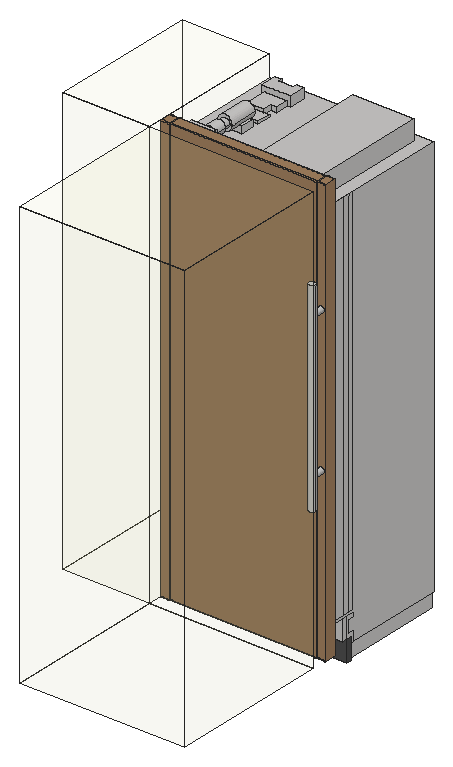
Revit family "P190780JX-072c_JBRFL30IGX_Refrigeration_Columns", category Specialty Equipment, Revit 2026
Family settings
  Round Connector Dimension = Use Diameter
  Part Type = Normal
  Work Plane-Based = No
  Enable Cutting in Views = No
  Always vertical = Yes
  Cut with Voids When Loaded = No
  Maintain Annotation Orientation = No
  Shared = No
  Room Calculation Point = No
Parameters (values of type "JBRFL30IGX")
  Width = 29 3/4"
  Voltage = 0 V
  URL = ""
  Show Clearance [instance] = yes
  Model = "JBRFL30IGX"
  Manufacturer = "Jenn Air"
  Wheel Material = ARCAT - Plastic - Black
  Installation-Fabrication = "https://www.whirlpool.com/content/dam/global/documents/201901/installation-instructions-w10919013-revB.pdf"
  Height = 79 7/8"
  Handle Material = ARCAT - Metal - Steel - Stainless
  Feature 3 = "Remote Access\r\nAccès à distance"
  Feature 2 = "Trinity Cooling\r\nRefroidissement triple"
  Feature 1 = "Over 250 Configurations\r\nPlus de 250 configurations"
  Family Name = "30\" BIR (left hand)"
  Energy Guide = "http://access.whirlpool.com/mr/getMediaType.do?mediaType=Energy Guide&sku=JBRFL30IGX&language=EN"
  Drawn By = ""
  Door Material = ARCAT - Thermal - Wood Fiber Cover Board
  Dimension Guide = "http://access.whirlpool.com/mr/getMediaType.do?mediaType=Dimension_Guide&sku=JBRFL30IGX&language=EN"
  Description = "30” Built-In Refrigerator Column (Left-Hand Door Swing)\r\nColonne de réfrigération encastrée prête pour le panneau de recouvrement, charnières à gauche, 30 po"
  Depth = 27 1/8"
  Default Elevation = 0"
  Copyright = ""
  Clearance Material = ARCAT - Clearance
  Body Material = ARCAT - Metal - Steel - Stainless
  Amps = 0 A
  Accent Material = ARCAT - Metal - Steel - Black
Reference planes (in)
  plane 1 "Center (Front/Back)": y = 0
  plane 2: z = 0
  plane 3 "Center (Left/Right)": x = 0
  plane 4: y = -27.125
  plane 5: z = 79.875
  plane 6: x = -14.875
  plane 7: x = 14.875
Forms (in)
  Extrusion 1, solid, material "ARCAT - Thermal - Wood Fiber Cover Board" <- "Door Material"
    sketch origin (-8.875, 5, 48) x (0, 1, 0) y (0, 0, 1)
      loop
        arc (-29.5, -45.4375) -> (-29.48169, -45.48169) -> (-29.4375, -45.5) r 0.0625
        line (-29.4375, -45.5) -> (-27.4375, -45.5)
        arc (-27.4375, -45.5) -> (-27.39331, -45.48169) -> (-27.375, -45.4375) r 0.0625
        line (-27.375, -45.4375) -> (-27.375, 31.8125)
        arc (-27.375, 31.8125) -> (-27.39331, 31.85669) -> (-27.4375, 31.875) r 0.0625
        line (-27.4375, 31.875) -> (-29.4375, 31.875)
        arc (-29.4375, 31.875) -> (-29.48169, 31.85669) -> (-29.5, 31.8125) r 0.0625
        line (-29.5, 31.8125) -> (-29.5, -45.4375)
    from -4.5 to 22.25
  Extrusion 2, solid, material "ARCAT - Metal - Steel - Stainless" <- "Body Material"
    sketch origin (-65.7262, -180.75, 3) x (-1, 0, 0) y (0, -1, 0)
      loop
        line (-50.9137, -180.75) -> (-50.9137, -158.625) -> (-80.5387, -158.625) -> (-80.5387, -180.75) -> (-50.9137, -180.75)
    from 0 to 73.01402
  Extrusion 3, void
    sketch origin (-8.78414, 0, 3.5) x (-1, 0, 0) y (0, 0, -1)
      loop
        line (-22.45914, -9.23738) -> (4.89086, -9.23738) -> (4.89086, -1.01743) -> (-22.45914, -1.01743) -> (-22.45914, -9.23738)
    from 0 to 0.75
  Extrusion 4, solid, material "ARCAT - Metal - Steel - Stainless" <- "Body Material"
    sketch origin (14.15625, 19.833, 48) x (0, 1, 0) y (0, 0, 1)
      loop
        line (-20.11425, -45) -> (-38.38757, -45) -> (-38.38757, -47.5) -> (-20.11425, -47.5) -> (-20.11425, -45)
    from -28.90625 to 0.59375
  Extrusion 5, solid, material "ARCAT - Metal - Steel - Black" <- "Accent Material"
    sketch origin (14.15625, 22.77844, 48) x (0, 1, 0) y (0, 0, 1)
      loop
        line (-41.333, -44.18188) -> (-42.208, -44.18188) -> (-42.208, -48) -> (-41.333, -48) -> (-41.333, -44.18188)
    from -28.90625 to 0.59375
  Extrusion 6, solid, material "ARCAT - Clearance" <- "Clearance Material", visible <- "Show Clearance", detail levels medium+fine
    sketch origin (-20.02372, -21.66757, 27.5) x (1, 0, 0) y (0, 1, 0)
      loop
        line (5.14872, -5.45743) -> (5.14872, -34.70743) -> (34.89872, -34.70743) -> (34.89872, -5.45743) -> (5.14872, -5.45743)
    from -25 to 52.375
  Extrusion 7, solid, material "ARCAT - Metal - Steel - Stainless" <- "Body Material"
    sketch origin (14.15625, -0.25, 0.5) x (0, 0, 1) y (1, 0, 0)
      loop
        circle (1.25, -14.15625) r 0.25
    from 0 to -0.03125
  Extrusion 8, solid, material "ARCAT - Metal - Steel - Stainless" <- "Body Material"
    sketch origin (10.52589, 5.03125, 49.52329) x (0, 1, 0) y (0, 0, 1)
      loop
        line (-5.78125, -45.00586) -> (-5.28417, -45.00586)
        arc (-5.28417, -45.00586) -> (-5.03125, -44.75294) -> (-5.28417, -44.50002) r 0.25292
        line (-5.28417, -44.50002) -> (-5.78125, -44.50002) -> (-5.78125, -45.00586)
    from -24.20089 to 3.14911
  Extrusion 9, void
    sketch origin (11.8125, -0.75, 3) x (0, 1, 0) y (0, 0, -1)
      loop
        line (-21.375, 0) -> (-21.375, -4.76297) -> (-18.9335, -4.76297) -> (-18.9335, -1) -> (-17.80457, -1) -> (-17.80457, 0) -> (-21.375, 0)
    from -3 to 26.625
  Extrusion 10, solid, material "ARCAT - Metal - Steel - Stainless" <- "Body Material"
    sketch origin (-11.8125, -0.75, 3) x (0, -1, 0) y (0, 0, 1)
      loop
        line (18.996, 1) -> (19.746, 1) -> (19.746, 4.7031) -> (18.996, 4.7031) -> (18.996, 1)
    from -26.625 to 3
  Extrusion 11, solid, material "ARCAT - Metal - Steel - Black" <- "Accent Material"
    sketch origin (-7.33037, -22.125, 48) x (1, 0, 0) y (0, 0, 1)
      loop
        line (-5.54463, 26.01402) -> (-5.54463, -38.23703) -> (20.20537, -38.23703) -> (20.20537, 26.01402) -> (-5.54463, 26.01402)
      loop
        line (-7.04463, 27.51402) -> (-7.04463, -39.73703) -> (21.70537, -39.73703) -> (21.70537, 27.51402) -> (-7.04463, 27.51402)
    from 0 to 0.25
  Extrusion 12, solid, material "ARCAT - Thermal - Wood Fiber Cover Board" <- "Door Material"
    sketch origin (-11.875, 5, 48) x (0, 1, 0) y (0, 0, -1)
      loop
        line (-29.5, 45.4375) -> (-29.5, -31.8125)
        arc (-29.5, -31.8125) -> (-29.48169, -31.85669) -> (-29.4375, -31.875) r 0.0625
        line (-29.4375, -31.875) -> (-27.4375, -31.875)
        arc (-27.4375, -31.875) -> (-27.39331, -31.85669) -> (-27.375, -31.8125) r 0.0625
        line (-27.375, -31.8125) -> (-27.375, 45.4375)
        arc (-27.375, 45.4375) -> (-27.39331, 45.48169) -> (-27.4375, 45.5) r 0.0625
        line (-27.4375, 45.5) -> (-29.4375, 45.5)
        arc (-29.4375, 45.5) -> (-29.48169, 45.48169) -> (-29.5, 45.4375) r 0.0625
    from 1.5 to 3
  Extrusion 13, solid, material "ARCAT - Metal - Steel - Stainless" <- "Body Material"
    sketch origin (38.56301, 0, 76.01402) x (1, 0, 0) y (0, 1, 0)
      loop
        line (-53.37551, -22.125) -> (-53.37551, -22.09375) -> (-53.40676, -22.09375) -> (-53.40676, -20.63366) -> (-53.37551, -20.63366) -> (-53.37551, -19.07233) -> (-53.40767, -19.07233) -> (-53.40767, -18.55457) -> (-53.37551, -18.55457) -> (-53.37551, -18.52332) -> (-53.43801, -18.52332) -> (-53.43801, -19.10358) -> (-53.40676, -19.10358) -> (-53.40676, -20.60241) -> (-53.43801, -20.60241) -> (-53.43801, -22.125) -> (-53.37551, -22.125)
    from -67.7823 to 0
  Extrusion 14, solid, material "ARCAT - Thermal - Wood Fiber Cover Board" <- "Door Material"
    sketch origin (11.875, 5, 48) x (0, 1, 0) y (0, 0, 1)
      loop
        arc (-29.5, -45.4375) -> (-29.48169, -45.48169) -> (-29.4375, -45.5) r 0.0625
        line (-29.4375, -45.5) -> (-27.4375, -45.5)
        arc (-27.4375, -45.5) -> (-27.39331, -45.48169) -> (-27.375, -45.4375) r 0.0625
        line (-27.375, -45.4375) -> (-27.375, 31.8125)
        arc (-27.375, 31.8125) -> (-27.39331, 31.85669) -> (-27.4375, 31.875) r 0.0625
        line (-27.4375, 31.875) -> (-29.4375, 31.875)
        arc (-29.4375, 31.875) -> (-29.48169, 31.85669) -> (-29.5, 31.8125) r 0.0625
        line (-29.5, 31.8125) -> (-29.5, -45.4375)
    from 1.5 to 3
  Extrusion 15, solid, material "ARCAT - Metal - Steel - Stainless" <- "Body Material"
    sketch origin (-38.56301, 0, 76.01402) x (-1, 0, 0) y (0, -1, 0)
      loop
        line (-53.37551, 22.125) -> (-53.43801, 22.125) -> (-53.43801, 20.60241) -> (-53.40676, 20.60241) -> (-53.40676, 19.10358) -> (-53.43801, 19.10358) -> (-53.43801, 18.52332) -> (-53.37551, 18.52332) -> (-53.37551, 18.55457) -> (-53.40767, 18.55457) -> (-53.40767, 19.07233) -> (-53.37551, 19.07233) -> (-53.37551, 20.63366) -> (-53.40676, 20.63366) -> (-53.40676, 22.09375) -> (-53.37551, 22.09375) -> (-53.37551, 22.125)
    from -67.7823 to 0
  Extrusion 16, void
    sketch origin (-17.03889, 86.20014, 0.65625) x (-1, 0, 0) y (0, 1, 0)
      loop
        line (-6.00764, -101.76309) -> (-8.03125, -101.76309) -> (-8.03125, -103.26309) -> (-6.00764, -103.26309) -> (-6.00764, -101.76309)
    from -0.81837 to 0.15625
  Extrusion 17, void
    sketch origin (-17.03889, 99.41979, 0.65625) x (-1, 0, 0) y (0, 1, 0)
      loop
        line (-6.00764, -101.76309) -> (-8.03125, -101.76309) -> (-8.03125, -103.26309) -> (-6.00764, -103.26309) -> (-6.00764, -101.76309)
    from -0.81837 to 0.15625
  Extrusion 18, void
    sketch origin (17.03889, 99.41979, 0.65625) x (-1, 0, 0) y (0, 1, 0)
      loop
        line (6.00764, -101.76309) -> (6.00764, -103.26309) -> (8.03125, -103.26309) -> (8.03125, -101.76309) -> (6.00764, -101.76309)
    from -0.81837 to 0.15625
  Extrusion 19, void
    sketch origin (17.03889, 86.20014, 0.65625) x (-1, 0, 0) y (0, 1, 0)
      loop
        line (6.00764, -101.76309) -> (6.00764, -103.26309) -> (8.03125, -103.26309) -> (8.03125, -101.76309) -> (6.00764, -101.76309)
    from -0.81837 to 0.15625
  Extrusion 20, solid, material "ARCAT - Plastic - Black" <- "Wheel Material"
    sketch origin (-10.875, 4.625, 48.15625) x (0, 1, 0) y (0, 0, 1)
      loop
        circle (-7.7183, -47.5) r 0.65625
    from 0 to 0.5
  Extrusion 21, solid, material "ARCAT - Plastic - Black" <- "Wheel Material"
    sketch origin (-9.66389, 4.625, 48.15625) x (0, 1, 0) y (0, 0, 1)
      loop
        circle (-7.7183, -47.5) r 0.65625
    from 0 to 0.5
  Extrusion 22, solid, material "ARCAT - Plastic - Black" <- "Wheel Material"
    sketch origin (-10.875, -8.59465, 48.15625) x (0, 1, 0) y (0, 0, 1)
      loop
        circle (-7.7183, -47.5) r 0.65625
    from 0 to 0.5
  Extrusion 23, solid, material "ARCAT - Plastic - Black" <- "Wheel Material"
    sketch origin (-9.66389, -8.59465, 48.15625) x (0, 1, 0) y (0, 0, 1)
      loop
        circle (-7.7183, -47.5) r 0.65625
    from 0 to 0.5
  Extrusion 24, solid, material "ARCAT - Plastic - Black" <- "Wheel Material"
    sketch origin (-10.375, 4.625, 48.15625) x (0, -1, 0) y (0, 0, -1)
      loop
        circle (7.7183, 47.5) r 0.08852
    from 0 to 0.71111
  Extrusion 25, solid, material "ARCAT - Plastic - Black" <- "Wheel Material"
    sketch origin (-10.375, -8.59465, 48.15625) x (0, -1, 0) y (0, 0, -1)
      loop
        circle (7.7183, 47.5) r 0.08852
    from 0 to 0.71111
  Extrusion 26, solid, material "ARCAT - Plastic - Black" <- "Wheel Material"
    sketch origin (10.875, 4.625, 48.15625) x (0, 1, 0) y (0, 0, -1)
      loop
        circle (-7.7183, 47.5) r 0.65625
    from 0 to 0.5
  Extrusion 27, solid, material "ARCAT - Plastic - Black" <- "Wheel Material"
    sketch origin (9.66389, 4.625, 48.15625) x (0, 1, 0) y (0, 0, -1)
      loop
        circle (-7.7183, 47.5) r 0.65625
    from 0 to 0.5
  Extrusion 28, solid, material "ARCAT - Plastic - Black" <- "Wheel Material"
    sketch origin (9.66389, 4.625, 48.15625) x (0, -1, 0) y (0, 0, -1)
      loop
        circle (7.7183, 47.5) r 0.08852
    from 0 to 0.71111
  Extrusion 29, solid, material "ARCAT - Plastic - Black" <- "Wheel Material"
    sketch origin (9.16389, -8.59465, 48.15625) x (0, 1, 0) y (0, 0, 1)
      loop
        circle (-7.7183, -47.5) r 0.65625
    from 0 to 0.5
  Extrusion 30, solid, material "ARCAT - Plastic - Black" <- "Wheel Material"
    sketch origin (10.375, -8.59465, 48.15625) x (0, 1, 0) y (0, 0, 1)
      loop
        circle (-7.7183, -47.5) r 0.65625
    from 0 to 0.5
  Extrusion 31, solid, material "ARCAT - Plastic - Black" <- "Wheel Material"
    sketch origin (9.66389, -8.59465, 48.15625) x (0, -1, 0) y (0, 0, -1)
      loop
        circle (7.7183, 47.5) r 0.08852
    from 0 to 0.71111
  Extrusion 32, solid, material "ARCAT - Metal - Steel - Stainless" <- "Body Material"
    sketch origin (-62.72727, -180.75, 76.01402) x (-1, 0, 0) y (0, -1, 0)
      loop
        line (-75.28196, -158.625) -> (-75.28196, -179.16793) -> (-64.28196, -179.16793) -> (-64.28196, -158.625) -> (-75.28196, -158.625)
    from 0 to 3.64738
  Extrusion 33, solid, material "ARCAT - Metal - Steel - Stainless" <- "Body Material"
    sketch origin (-5.50044, 82.57514, 0.5) x (0, 1, 0) y (-1, 0, 0)
      loop
        line (-87.38225, 6.33556) -> (-91.38225, 6.33556) -> (-91.38225, 3.33556) -> (-89.79958, 3.33556) -> (-89.79958, 2.33556) -> (-87.38225, 2.33556) -> (-87.38225, 6.33556)
    from 75.51402 to 76.3904
  Extrusion 34, solid, material "ARCAT - Metal - Steel - Stainless" <- "Body Material"
    sketch origin (-5.22559, -24.5, -24) x (0, 0, -1) y (1, 0, 0)
      loop
        line (-103.38048, -2.33556) -> (-103.38048, -6.74707) -> (-100.01402, -6.74707) -> (-100.01402, -2.33556) -> (-103.38048, -2.33556)
    from -3.375 to -2.375
  Revolve 35, solid, material "ARCAT - Metal - Steel - Stainless" <- "Body Material"
    sketch origin (-5.50044, 82.57514, 77.70152) x (0, 1, 0) y (-1, 0, 0)
      loop
        line (-103.70014, 5.74498) -> (-103.70014, 4.26645) -> (-93.9216, 4.26645) -> (-93.9216, 5.57895) -> (-98.97978, 5.57895) -> (-98.97978, 5.07895) -> (-100.30709, 5.07895) -> (-100.30709, 5.32895) -> (-102.55709, 5.32895) -> (-103.70014, 5.74498)
      axis (-93.9216, 4.26645) -> (-103.70014, 4.26645)
    angle from 180 to -180
  Extrusion 36, solid, material "ARCAT - Metal - Steel - Stainless" <- "Body Material"
    sketch origin (-5.50044, 78.57514, 0.5) x (0, 1, 0) y (-1, 0, 0)
      loop
        line (-87.38225, 6.33556) -> (-89.9216, 6.33556) -> (-89.9216, 2.33556) -> (-87.38225, 2.33556) -> (-87.38225, 6.33556)
    from 75.51402 to 75.88902
  Extrusion 37, solid, material "ARCAT - Metal - Steel - Stainless" <- "Body Material"
    sketch origin (-9.76689, -11.34646, 77.70152) x (0, 0, -1) y (-1, 0, 0)
      loop
        line (0.51449, -1.38614) -> (0.51449, -1.9671) -> (1.6875, -1.9671) -> (1.6875, 1.9671) -> (0.51449, 1.9671) -> (0.51449, 1.38614)
        arc (0.51449, 1.38614) -> (1.47854, 0) -> (0.51449, -1.38614) r 1.47854
    from -3.65498 to -1.23435
  Extrusion 38, solid, material "ARCAT - Metal - Steel - Stainless" <- "Body Material"
    sketch origin (39.31257, 0, 76.01402) x (1, 0, 0) y (0, 1, 0)
      loop
        line (-51.63225, -4.8071) -> (-46.52666, -4.8071) -> (-46.52666, -1.85812) -> (-47.77666, -1.85812) -> (-47.77666, -2.60812) -> (-50.38225, -2.60812) -> (-50.38225, -1.85812) -> (-51.63225, -1.85812) -> (-51.63225, -4.8071)
    from 0 to 1.88772
  Extrusion 39, solid, material "ARCAT - Metal - Steel - Stainless" <- "Handle Material"
    sketch origin (36.125, -180.0372, 27.75) x (1, 0, 0) y (0, 1, 0)
      loop
        circle (-22, 153.5) r 0.5878
    from 0 to 36.625
  Extrusion 40, solid, material "ARCAT - Metal - Steel - Stainless" <- "Handle Material"
    sketch origin (22.25, -24.5, -24) x (0, 0, -1) y (1, 0, 0)
      loop
        circle (-83.375, -8.125) r 0.5
    from 0 to 1.77208
  Extrusion 41, solid, material "ARCAT - Metal - Steel - Stainless" <- "Handle Material"
    sketch origin (22.25, -24.5, -50.625) x (0, 0, -1) y (1, 0, 0)
      loop
        circle (-83.875, -8.125) r 0.5
    from 0 to 1.77208
  Extrusion 42, solid, material "ARCAT - Clearance" <- "Clearance Material", visible <- "Show Clearance", detail levels medium+fine
    sketch origin (-13.97628, -21.66757, 27.5) x (-1, 0, 0) y (0, -1, 0)
      loop
        line (0.89872, -21.66757) -> (16.58622, -21.66757) -> (16.58622, 5.45743) -> (0.89872, 5.45743) -> (0.89872, -21.66757)
    from -25 to 52.375
  Extrusion 43, solid, material "ARCAT - Metal - Steel - Stainless" <- "Body Material"
    sketch origin (14.8125, -0.75, 3) x (0, -1, 0) y (0, 0, -1)
      loop
        line (18.9335, -4.76297) -> (18.9335, -1) -> (17.80457, -1) -> (17.80457, 0) -> (17.59349, 0) -> (17.59349, -1.76297) -> (18.7381, -1.76297) -> (18.7381, -4.01297) -> (17.59349, -4.01297) -> (17.59349, -4.76297) -> (18.9335, -4.76297)
    from 0 to 0.0625
  Extrusion 44, solid, material "ARCAT - Metal - Steel - Stainless" <- "Body Material"
    sketch origin (-14.8125, -0.75, 3) x (0, -1, 0) y (0, 0, 1)
      loop
        line (18.9335, 4.76297) -> (17.59349, 4.76297) -> (17.59349, 4.01297) -> (18.7381, 4.01297) -> (18.7381, 1.76297) -> (17.59349, 1.76297) -> (17.59349, 0) -> (17.80457, 0) -> (17.80457, 1) -> (18.9335, 1) -> (18.9335, 4.76297)
    from 0 to 0.0625
Cuts and joins
  Extrusion 3, Extrusion 9 cuts Extrusion 2
  Extrusion 16, Extrusion 17, Extrusion 18, Extrusion 19 cuts Extrusion 4
  joined: Extrusion 39, Extrusion 40, Extrusion 41
Lines and regions (in)
  symbolic lines, style "SpecialityEquipment"
    curve 1: line (-14.875, 0, 0) -> (14.875, 0, 0)
    curve 2: line (14.875, -24.5, 0) -> (-14.875, -24.5, 0)
    curve 3: line (-14.875, -24.5, 0) -> (-14.875, 0, 0)
    curve 4: line (14.875, 0, 0) -> (14.875, -24.5, 0)
    curve 5: line (13.62483, -26.22843, 0) -> (13.62483, -24.5, 0)
    curve 6: line (14.625, -26.22815, 0) -> (14.625, -24.5, 0)
    curve 7: circle (14.125, -26.5372, 0) r 0.5878 normal (0, 0, -1)
Dimensions and locks (in)
  "Depth": plane 1 "Center (Front/Back)" to plane 4
  "Height": plane 5 to plane 2
  "Width": plane 6 to plane 7
  equal spacing: plane 6, plane 3 "Center (Left/Right)", plane 7
  aligned and locked: plane 2 to level
Automatic sketch dimensions
  plane 1 "Center (Front/Back)" to curve 3 = 0"
  curve 3 to plane 6 = 0"
  curve 1 to plane 7 = 0"
  curve 7 to plane 7 = 3/4"
  plane 4 to curve 2 = 2 5/8"
  plane 4 to curve 7 = 0.5878"
  curve 5 to curve 7 = 0.50017"
  curve 6 to plane 7 = 1/4"
  curve 7 to curve 6 = 0.30905"
  Extrusion 1 sketch curve to plane 5 = 0"
  plane 4 to Extrusion 1 sketch curve = 2 5/8"
  Extrusion 1 sketch curve to Extrusion 1 sketch curve = 1/16"  (x3)
  Extrusion 1 sketch curve to Extrusion 1 sketch curve = 2"  (x2)
  level to Extrusion 1 sketch curve = 2 9/16"
  plane 1 "Center (Front/Back)" to Extrusion 2 sketch curve = 0"
  Extrusion 2 sketch curve to plane 7 = 1/16"
  plane 6 to Extrusion 2 sketch curve = 1/16"
  plane 4 to Extrusion 2 sketch curve = 5"
  Extrusion 2 to Extrusion 3 sketch curve = 1.1375"  (x2)
  Extrusion 3 sketch curve to Extrusion 2 = 9.73738"
  Extrusion 3 sketch curve to Extrusion 2 = 1.51743"
  level to Extrusion 4 sketch curve = 3"
  plane 4 to Extrusion 4 sketch curve = 8.57043"
  plane 1 "Center (Front/Back)" to Extrusion 4 sketch curve = 9/32"
  level to Extrusion 4 sketch curve = 1/2"
  Extrusion 5 sketch curve to level = 0"
  level to Extrusion 5 sketch curve = 3.81812"
  plane 4 to Extrusion 5 sketch curve = 7.69543"
  Extrusion 5 sketch curve to Extrusion 5 sketch curve = 7/8"
  Extrusion 6 sketch curve to plane 6 = 0"
  Extrusion 6 sketch curve to plane 7 = 0"
  Extrusion 6 sketch curve to plane 4 = 0"
  Extrusion 6 sketch curve to Extrusion 6 sketch curve = 29 1/4"
  Extrusion 7 sketch curve to plane 3 "Center (Left/Right)" = 0"
  level to Extrusion 7 sketch curve = 1 3/4"
  plane 1 "Center (Front/Back)" to Extrusion 8 sketch curve = 3/4"
  plane 1 "Center (Front/Back)" to Extrusion 8 sketch curve = 0.25292"
  level to Extrusion 8 sketch curve = 4.51743"
  Extrusion 8 sketch curve to Extrusion 8 sketch curve = 0.25292"
  plane 4 to Extrusion 9 sketch curve = 5"
  Extrusion 9 sketch curve to Extrusion 9 sketch curve = 2.4415"
  Extrusion 9 sketch curve to Extrusion 9 sketch curve = 1.12893"
  level to Extrusion 9 sketch curve = 7.76297"
  Extrusion 9 sketch curve to Extrusion 9 sketch curve = 3.76297"
  Extrusion 9 sketch curve to Extrusion 9 sketch curve = 1"
  plane 4 to Extrusion 10 sketch curve = 7.379"
  Extrusion 10 sketch curve to Extrusion 10 sketch curve = 3/4"
  level to Extrusion 10 sketch curve = 4"
  Extrusion 10 sketch curve to Extrusion 10 sketch curve = 3.7031"
  plane 6 to Extrusion 11 sketch curve = 1/2"
  plane 6 to Extrusion 11 sketch curve = 2"
  Extrusion 11 sketch curve to plane 7 = 2"
  Extrusion 11 sketch curve to plane 7 = 1/2"
  level to Extrusion 11 sketch curve = 8.26297"
  Extrusion 11 sketch curve to Extrusion 11 sketch curve = 1 1/2"  (x2)
  Extrusion 11 sketch curve to plane 5 = 5.86098"
  Extrusion 12 sketch curve to plane 5 = 0"
  plane 4 to Extrusion 12 sketch curve = 2 5/8"
  Extrusion 12 sketch curve to Extrusion 12 sketch curve = 1/16"  (x2)
  Extrusion 12 sketch curve to Extrusion 12 sketch curve = 2"  (x2)
  Extrusion 12 sketch curve to plane 5 = 1/16"
  level to Extrusion 12 sketch curve = 2 9/16"
  Extrusion 13 sketch curve to plane 6 = 0"  (x2)
  plane 6 to Extrusion 13 sketch curve = 0.03034"
  plane 6 to Extrusion 13 sketch curve = 1/32"
  Extrusion 13 sketch curve to Extrusion 13 sketch curve = 1/32"  (x6)
  Extrusion 13 sketch curve to Extrusion 13 sketch curve = 0.03216"  (x2)
  plane 4 to Extrusion 13 sketch curve = 5"
  Extrusion 13 sketch curve to Extrusion 13 sketch curve = 1.46009"
  Extrusion 13 sketch curve to Extrusion 13 sketch curve = 1.49883"
  Extrusion 13 sketch curve to Extrusion 13 sketch curve = 0.51777"
  Extrusion 14 sketch curve to plane 5 = 0"
  plane 4 to Extrusion 14 sketch curve = 2 5/8"
  Extrusion 14 sketch curve to Extrusion 14 sketch curve = 1/16"  (x3)
  Extrusion 14 sketch curve to Extrusion 14 sketch curve = 2"  (x2)
  level to Extrusion 14 sketch curve = 2 9/16"
  Extrusion 15 sketch curve to plane 7 = 0"  (x2)
  Extrusion 15 sketch curve to plane 7 = 0.03034"
  Extrusion 15 sketch curve to plane 7 = 1/32"  (x2)
  Extrusion 15 sketch curve to Extrusion 15 sketch curve = 0.03216"  (x2)
  Extrusion 15 sketch curve to Extrusion 15 sketch curve = 1/32"  (x5)
  plane 4 to Extrusion 15 sketch curve = 8.60168"
  Extrusion 15 sketch curve to Extrusion 15 sketch curve = 0.51777"
  Extrusion 15 sketch curve to Extrusion 15 sketch curve = 1.49883"
  Extrusion 15 sketch curve to Extrusion 15 sketch curve = 1.46009"
  plane 6 to Extrusion 16 sketch curve = 5.86736"
  Extrusion 16 sketch curve to Extrusion 16 sketch curve = 2.02361"
  plane 4 to Extrusion 16 sketch curve = 11.56205"
  Extrusion 16 sketch curve to Extrusion 16 sketch curve = 1 1/2"
  plane 1 "Center (Front/Back)" to Extrusion 17 sketch curve = 2.3433"
  plane 6 to Extrusion 17 sketch curve = 5.86736"
  Extrusion 17 sketch curve to Extrusion 17 sketch curve = 2.02361"
  Extrusion 17 sketch curve to Extrusion 17 sketch curve = 1 1/2"
  Extrusion 18 sketch curve to plane 7 = 3 27/32"
  Extrusion 18 sketch curve to Extrusion 18 sketch curve = 2.02361"
  plane 1 "Center (Front/Back)" to Extrusion 18 sketch curve = 2.3433"
  Extrusion 18 sketch curve to Extrusion 18 sketch curve = 1 1/2"
  Extrusion 19 sketch curve to plane 7 = 3 27/32"
  Extrusion 19 sketch curve to Extrusion 19 sketch curve = 2.02361"
  plane 4 to Extrusion 19 sketch curve = 11.56205"
  Extrusion 19 sketch curve to Extrusion 19 sketch curve = 1 1/2"
  level to Extrusion 20 sketch curve = 21/32"
  plane 1 "Center (Front/Back)" to Extrusion 20 sketch curve = 3.0933"
  level to Extrusion 21 sketch curve = 21/32"
  plane 1 "Center (Front/Back)" to Extrusion 21 sketch curve = 3.0933"
  level to Extrusion 22 sketch curve = 21/32"
  plane 4 to Extrusion 22 sketch curve = 10.81205"
  level to Extrusion 23 sketch curve = 21/32"
  plane 4 to Extrusion 23 sketch curve = 10.81205"
  level to Extrusion 24 sketch curve = 21/32"
  plane 1 "Center (Front/Back)" to Extrusion 24 sketch curve = 3.0933"
  level to Extrusion 25 sketch curve = 21/32"
  plane 4 to Extrusion 25 sketch curve = 10.81205"
  level to Extrusion 26 sketch curve = 21/32"
  plane 1 "Center (Front/Back)" to Extrusion 26 sketch curve = 3.0933"
  level to Extrusion 27 sketch curve = 21/32"
  plane 1 "Center (Front/Back)" to Extrusion 27 sketch curve = 3.0933"
  level to Extrusion 29 sketch curve = 21/32"
  plane 4 to Extrusion 29 sketch curve = 10.81205"
  level to Extrusion 30 sketch curve = 21/32"
  plane 4 to Extrusion 30 sketch curve = 10.81205"
  level to Extrusion 31 sketch curve = 21/32"
  plane 4 to Extrusion 31 sketch curve = 10.81205"
  Extrusion 32 sketch curve to plane 7 = 2 41/128"
  plane 3 "Center (Left/Right)" to Extrusion 32 sketch curve = 1 71/128"
  plane 1 "Center (Front/Back)" to Extrusion 32 sketch curve = 1.58207"
  plane 4 to Extrusion 32 sketch curve = 5"
  plane 6 to Extrusion 33 sketch curve = 3.039"
  plane 1 "Center (Front/Back)" to Extrusion 33 sketch curve = 8.8071"
  Extrusion 33 sketch curve to Extrusion 33 sketch curve = 1.58267"
  Extrusion 33 sketch curve to Extrusion 33 sketch curve = 2.41733"
  Extrusion 33 sketch curve to Extrusion 33 sketch curve = 3"
  Extrusion 33 sketch curve to Extrusion 33 sketch curve = 1"
  Extrusion 34 sketch curve to plane 5 = 0.49451"
  Extrusion 34 sketch curve to Extrusion 34 sketch curve = 3.36646"
  plane 6 to Extrusion 34 sketch curve = 2 231/256"
  Extrusion 34 sketch curve to Extrusion 34 sketch curve = 4.41151"
  plane 4 to Revolve 35 sketch curve = 6"
  Revolve 35 sketch curve to Revolve 35 sketch curve = 1.14305"
  Revolve 35 sketch curve to Revolve 35 sketch curve = 2 1/4"
  Revolve 35 sketch curve to Revolve 35 sketch curve = 1.32731"
  Revolve 35 sketch curve to Revolve 35 sketch curve = 5.05818"
  plane 6 to Revolve 35 sketch curve = 5.10811"
  Revolve 35 sketch curve to Revolve 35 sketch curve = 13/16"
  Revolve 35 sketch curve to Revolve 35 sketch curve = 1/4"  (x2)
  Revolve 35 sketch curve to Revolve 35 sketch curve = 1/2"
  Revolve 35 sketch curve to Revolve 35 sketch curve = 0.41604"
  Revolve 35 sketch curve to Revolve 35 sketch curve = 3.53396"
  Revolve 35 sketch curve to Revolve 35 sketch curve = 0"
  plane 6 to Extrusion 36 sketch curve = 3.039"
  plane 1 "Center (Front/Back)" to Extrusion 36 sketch curve = 11.34646"
  Extrusion 36 sketch curve to Extrusion 36 sketch curve = 2.53936"
  Extrusion 36 sketch curve to Extrusion 36 sketch curve = 4"
  Revolve 35 to Extrusion 37 sketch curve = 0.51449"  (x2)
  Extrusion 37 sketch curve to Extrusion 37 sketch curve = 1.17301"
  Extrusion 37 sketch curve to Extrusion 37 sketch curve = 0.58096"  (x2)
  plane 6 to Extrusion 38 sketch curve = 2.55532"
  Extrusion 38 sketch curve to Extrusion 38 sketch curve = 1 1/4"  (x2)
  Extrusion 38 sketch curve to Extrusion 38 sketch curve = 2.60559"
  plane 1 "Center (Front/Back)" to Extrusion 38 sketch curve = 4.8071"
  Extrusion 38 sketch curve to Extrusion 38 sketch curve = 2.19898"
  Extrusion 38 sketch curve to Extrusion 38 sketch curve = 3/4"  (x2)
  Extrusion 39 sketch curve to plane 7 = 3/4"
  plane 4 to Extrusion 39 sketch curve = 0.5878"
  Extrusion 40 sketch curve to plane 7 = 3/4"
  Extrusion 40 sketch curve to plane 5 = 20 1/2"
  Extrusion 41 sketch curve to plane 7 = 3/4"
  level to Extrusion 41 sketch curve = 33 1/4"
  Extrusion 42 sketch curve to plane 4 = 0"
  Extrusion 42 sketch curve to plane 6 = 0"
  plane 1 "Center (Front/Back)" to Extrusion 42 sketch curve = 0"
  Extrusion 42 sketch curve to plane 6 = 15 11/16"
  Extrusion 43 sketch curve to Extrusion 2 = 0"
  Extrusion 2 to Extrusion 43 sketch curve = 1.76297"
  Extrusion 2 to Extrusion 43 sketch curve = 3.78151"
  Extrusion 43 sketch curve to Extrusion 43 sketch curve = 0"
  Extrusion 43 sketch curve to Extrusion 43 sketch curve = 0.21107"
  Extrusion 43 sketch curve to Extrusion 43 sketch curve = 1.1446"
  Extrusion 43 sketch curve to Extrusion 43 sketch curve = 0.1954"
  Extrusion 43 sketch curve to Extrusion 43 sketch curve = 2 1/4"
  Extrusion 43 sketch curve to Extrusion 43 sketch curve = 3/4"
  Extrusion 43 sketch curve to Extrusion 43 sketch curve = 0.76297"
  plane 4 to Extrusion 44 sketch curve = 8.78151"
  Extrusion 44 sketch curve to Extrusion 44 sketch curve = 0"
  Extrusion 44 sketch curve to Extrusion 44 sketch curve = 0.21107"
  Extrusion 44 sketch curve to Extrusion 44 sketch curve = 1.1446"
  Extrusion 44 sketch curve to Extrusion 44 sketch curve = 0.1954"
  level to Extrusion 44 sketch curve = 3"
  Extrusion 44 sketch curve to Extrusion 44 sketch curve = 1"
  Extrusion 44 sketch curve to Extrusion 44 sketch curve = 0.76297"
  Extrusion 44 sketch curve to Extrusion 44 sketch curve = 2 1/4"
  Extrusion 44 sketch curve to Extrusion 44 sketch curve = 3/4"
  radius of Extrusion 7 sketch curve = 1/4"
  radius of Extrusion 20 sketch curve = 21/32"
  radius of Extrusion 21 sketch curve = 21/32"
  radius of Extrusion 22 sketch curve = 21/32"
  radius of Extrusion 23 sketch curve = 21/32"
  radius of Extrusion 24 sketch curve = 0.08852"
  radius of Extrusion 25 sketch curve = 0.08852"
  radius of Extrusion 26 sketch curve = 21/32"
  radius of Extrusion 27 sketch curve = 21/32"
  radius of Extrusion 28 sketch curve to Extrusion 27 = 0.56773"
  radius of Extrusion 29 sketch curve = 21/32"
  radius of Extrusion 30 sketch curve = 21/32"
  radius of Extrusion 31 sketch curve = 0.08852"
  radius of Revolve 35 to Extrusion 37 sketch curve = 0.16604"
  radius of Extrusion 39 sketch curve = 0.5878"
  radius of Extrusion 40 sketch curve = 1/2"
  radius of Extrusion 41 sketch curve = 1/2"
Connectors (in)
  electrical at (0, -0.25, 1.75), driven by "Voltage"
    settings: on Extrusion 7, index 1, voltage 0 V, apparent load 0 VA, apparent load phase1 0 VA, apparent load phase2 0 VA, apparent load phase3 0 VA, power factor 1, load classification "Other", number of poles 1, system type 30, power factor state 1, is connector primary yes, connector utility no, sub classification motor no, connector description "Electrical Connection"
